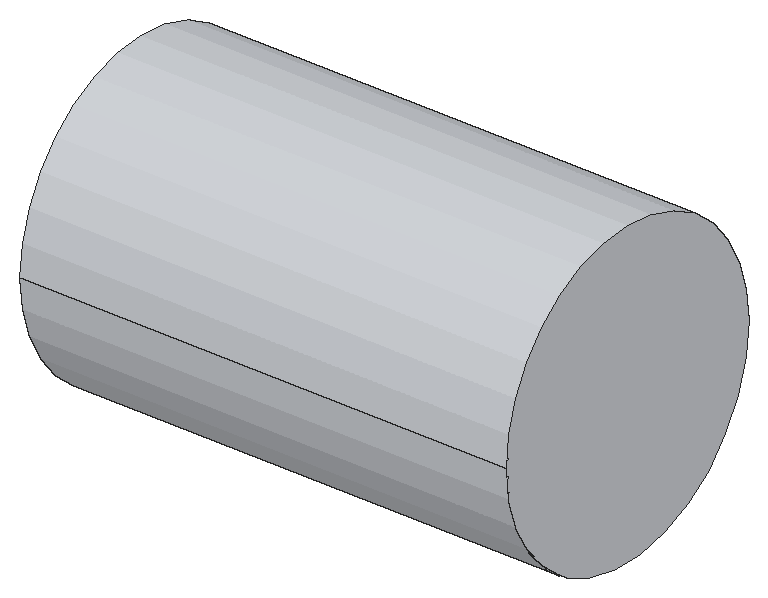
Revit family "M_Conexão de conduíte - Aço", category Conexões do conduite, Revit 2019
Family settings
  Cota do conector redondo = Usar raio
  Tipo de parte = União
  Número OmniClass = 23.80.30.17.11
  Título OmniClass = Conduits
  ID de item do Seek = Conduit Coupling - Steel-0000-CAN-ENU
  Com base no plano de trabalho = Não
  Sempre na vertical = Sim
  Corte com vazios quando carregada = Não
  Compartilhado = Não
Parameters (values of type "Padrão")
  Raio nominal [instance] = 8 mm
  Diâmetro nominal [instance] = Raio nominal * 2  # 16 mm
  Comprimento [instance] = size_lookup(Pesquisa de tamanho de conduite, "Lgt", 0.61 * Diâmetro nominal + 32.048 mm, Diâmetro nominal)  # 41.275 mm
  Raio externo da conexão [instance] = Diâmetro externo da conexão / 2  # 12.827 mm
  Diâmetro externo da conexão [instance] = size_lookup(Pesquisa de tamanho de conduite, "FOD", 1.14 * Diâmetro nominal + 10.716 mm, Diâmetro nominal)  # 25.654 mm
  Pesquisa de tamanho de conduite = "M_Conduit Coupling - Steel"
Reference planes
  plane 1 "Centro (Frente/Trás)": y = 0
  plane 2: z = 0
  plane 3 "Centro (Esquerda/Direita)": x = 0
  plane 4: x = 41.275
Forms (mm)
  Extrusion 1, solid, detail levels fine
    sketch origin (0, 0, 0) x (0, 1, 0) y (0, 0, 1)
      loop
        circle (0, 0) r 12.827
    from 0 to 41.275
Lines and regions (mm)
  model lines, detail levels coarse+medium
    curve 1: line (0, 0, 0) -> (41.275, 0, 0)
Dimensions and locks
  "Comprimento": plane 3 "Centro (Esquerda/Direita)" to plane 4
  "Raio externo da conexão": radius of Extrusion 1 sketch curve
  aligned and locked: plane 3 "Centro (Esquerda/Direita)" to curve 1
  aligned and locked: plane 4 to curve 1
  aligned and locked: plane 1 "Centro (Frente/Trás)" to curve 1
  aligned and locked: plane 1 "Centro (Frente/Trás)" to Extrusion 1 sketch curve
  aligned and locked: plane 2 to Extrusion 1 sketch curve
  aligned and locked: Extrusion 1 to plane 3 "Centro (Esquerda/Direita)"
  aligned and locked: plane 4 to Extrusion 1
Connectors
  cabletrayconduit at (0, 0, 0), diameter 16, driven by "Raio nominal"
    settings: on Extrusion 1, index 1, connector width 304.8 mm, connector height 304.8 mm, connector angle 0.00°, system type 32, placement type 0, profile type 0, connector reference index 2, is primary connector yes, connector utility param no, connector description ""
  cabletrayconduit at (41.275, 0, 0), diameter 16, driven by "Raio nominal"
    settings: on Extrusion 1, index 2, connector width 304.8 mm, connector height 304.8 mm, connector angle 0.00°, system type 32, placement type 0, profile type 0, connector reference index 1, is primary connector no, connector utility param no, connector description ""
